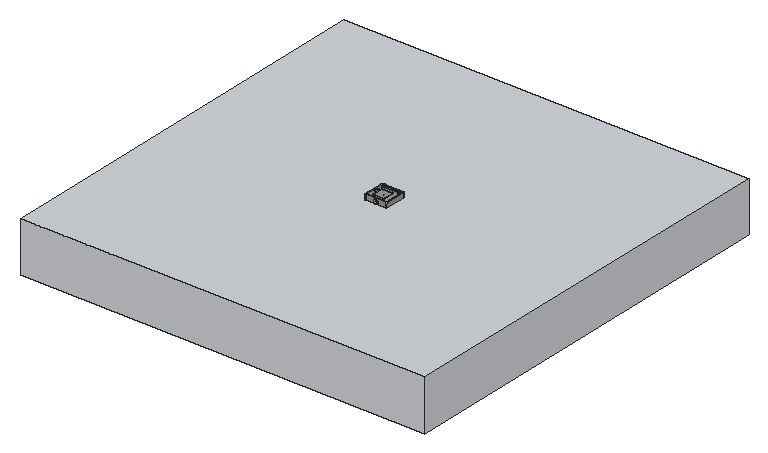
Revit family "Hekatron_Feststellanlagen_DKT 01 ge_DE_22.01", category Brandmelder, Revit 2018
Family settings
  Basisbauteil = Fläche
  Beschriftungsausrichtung beibehalten = Ja
  Bemaßung runder Anschluss = Durchmesser verwenden
  Teiletyp = Normal
  OmniClass-Nummer = 23.85.30.21
  OmniClass-Titel = Environmental Detection/Registration
  Beim Laden mit Abzugskörper schneiden = Nein
  Gemeinsam genutzt = Nein
  Raumberechnungspunkt = Nein
Parameters (values of type "DKT 01 ge")
  Zulässige Umgebungstemperatur = ""
  Zulässige Luftgeschwindigkeit = ""
  Zulassungen nach EN 54 = ""
  Width [instance] = 130 mm
  Version des BIM Objektes = "22.01"
  VdS-Anerkennung = ""
  URL = "www.hekatron-brandschutz.de"
  UB A&S Artikel Nummer = "6200106"
  Typenkommentare = "Druckknopftaster DKT 01 gelb"
  Tiefe (mm) = "130.0"
  Stromaufnahme = ""
  Schutzart = "IP 20"
  Rauchteil einstellbar = ""
  Nettogewicht (g) = ""
  Montageart = "Aufputz"
  Modell = "DKT 01 ge"
  Material = "Polycarbonat"
  Link zum Datenblatt = ""
  Link zu ausschreiben.de = "http://www.ausschreiben.de/katalog/Hekatron/position/95"
  Link zu Produktinformation = "https://www.hekatron-planungstools.de/Produktinfo/DKT_01_ge.PDF"
  Link zu Ausschreibungstext = ""
  Leistungserklärung (DoP) = ""
  Lautstärke DIN-Ton (dB) = ""
  Kabeleinführung = "oben, unten, hinten"
  Höhe (mm) = "130.0"
  Hersteller = "Hekatron"
  Heigth [instance] = 130 mm
  Funktionsprinzip = ""
  Farbe = "gelb, ähnlich RAL 1018"
  Ex-Zonen = ""
  Einstellung Temperaturklasse nach EN 54-5 = ""
  Einstellung Temperaturindex nach EN 54-5 = ""
  Einstellung Rauchempfindlichkeit nach EN 54-20 = ""
  Einstellen Rauchempfindlichkeit nach EN 54-7 = ""
  EG-Konformitätszertifikat / Zertifikat der Leistungsbeständigkeit = ""
  Durchmesser (mm) = ""
  Depth [instance] = 31 mm
  Vorgabe-Ansicht = 1200 mm
  Breite (mm) = "31.0"
  Betriebsspannung = "24 V DC"
  Beschreibung = "Aufputz, als Handauslöser für Feststellanlage maschinellen Rauchabzugsanlagen"
  Bauartgenehmigungen = ""
  Anzahl Ansaugleitungen = ""
  Ansprechtemperatur = ""
  Alarm- & Empfindlichkeitsbereich = ""
Reference planes
  plane 1 "Center (Front/Back)": y = 0
  plane 2: z = 0
  plane 3 "Center (Left/Right)": x = 0
Forms (mm)
  Extrusion 1, solid
    sketch origin (0, 0, 0) x (1, 0, 0) y (0, 1, 0)
      loop
        line (-1219.2, 1219.2) -> (-1219.2, -1219.2) -> (1219.2, -1219.2) -> (1219.2, 1219.2) -> (-1219.2, 1219.2)
    from 0 to -304.8
  Extrusion 2, solid, material "Polycarbonate, RAL 1018"
    sketch origin (0, 0, 0) x (1, 0, 0) y (0, 1, 0)
      loop
        line (62, 65) -> (-62, 65)
        arc (-62, 65) -> (-64.121, 64.121) -> (-65, 62) r 3
        line (-65, 62) -> (-65, -62)
        arc (-65, -62) -> (-64.121, -64.121) -> (-62, -65) r 3
        line (-62, -65) -> (62, -65)
        arc (62, -65) -> (64.121, -64.121) -> (65, -62) r 3
        line (65, -62) -> (65, 62)
        arc (65, 62) -> (64.121, 64.121) -> (62, 65) r 3
      loop
        line (58.5, 62) -> (-58.5, 62)
        arc (-58.5, 62) -> (-60.975, 60.975) -> (-62, 58.5) r 3.5
        line (-62, 58.5) -> (-62, -58.5)
        arc (-62, -58.5) -> (-60.975, -60.975) -> (-58.5, -62) r 3.5
        line (-58.5, -62) -> (58.5, -62)
        arc (58.5, -62) -> (60.975, -60.975) -> (62, -58.5) r 3.5
        line (62, -58.5) -> (62, 58.5)
        arc (62, 58.5) -> (60.975, 60.975) -> (58.5, 62) r 3.5
    from 0 to 31
  Extrusion 3, solid, material "Polycarbonate, RAL 1018"
    sketch origin (0, 0, 0) x (1, 0, 0) y (0, 1, 0)
      loop
        line (65, -61.8) -> (65, 61.8) -> (-58.5, 61.8)
        arc (-58.5, 61.8) -> (-60.833, 60.833) -> (-61.8, 58.5) r 3.3
        line (-61.8, 58.5) -> (-61.8, -58.5)
        arc (-61.8, -58.5) -> (-60.833, -60.833) -> (-58.5, -61.8) r 3.3
        line (-58.5, -61.8) -> (65, -61.8)
      loop
        line (33, 24.012) -> (-33, 24.012)
        arc (-33, 24.012) -> (-34.414, 23.426) -> (-35, 22.012) r 2
        line (-35, 22.012) -> (-35, -44.988)
        arc (-35, -44.988) -> (-34.414, -46.403) -> (-33, -46.988) r 2
        line (-33, -46.988) -> (33, -46.988)
        arc (33, -46.988) -> (34.414, -46.403) -> (35, -44.988) r 2
        line (35, -44.988) -> (35, 22.012)
        arc (35, 22.012) -> (34.414, 23.426) -> (33, 24.012) r 2
    from 27 to 31
  Extrusion 4, solid, material "Polycarbonate, RAL 1018"
    sketch origin (0, 0, 0) x (1, 0, 0) y (0, 1, 0)
      loop
        line (-62, 58.5) -> (-62, -58.5)
        arc (-62, -58.5) -> (-60.975, -60.975) -> (-58.5, -62) r 3.5
        line (-58.5, -62) -> (58.5, -62)
        arc (58.5, -62) -> (60.975, -60.975) -> (62, -58.5) r 3.5
        line (62, -58.5) -> (62, 58.5)
        arc (62, 58.5) -> (60.975, 60.975) -> (58.5, 62) r 3.5
        line (58.5, 62) -> (-58.5, 62)
        arc (-58.5, 62) -> (-60.975, 60.975) -> (-62, 58.5) r 3.5
    from 0 to 12
  Extrusion 5, solid, material "Stainless Steel, Polished"
    sketch origin (0, 0, 0) x (1, 0, 0) y (0, 1, 0)
      loop
        circle (-48.262, 0) r 9.502
    from 31.5 to 33
  Extrusion 6, solid, material "Polycarbonate, Clear"
    sketch origin (0, 0, 0) x (1, 0, 0) y (0, 1, 0)
      loop
        line (-35, 22.012) -> (-35, -44.988)
        arc (-35, -44.988) -> (-34.414, -46.403) -> (-33, -46.988) r 2
        line (-33, -46.988) -> (33, -46.988)
        arc (33, -46.988) -> (34.414, -46.403) -> (35, -44.988) r 2
        line (35, -44.988) -> (35, 22.012)
        arc (35, 22.012) -> (34.414, 23.426) -> (33, 24.012) r 2
        line (33, 24.012) -> (-33, 24.012)
        arc (-33, 24.012) -> (-34.414, 23.426) -> (-35, 22.012) r 2
    from 29 to 30
  Extrusion 7, void
    sketch origin (0, 0, 0) x (1, 0, 0) y (0, 1, 0)
      loop
        line (58.5, 62) -> (58.5, -62) -> (65, -62) -> (65, 62) -> (58.5, 62)
    from 27 to 32.288
  Sweep 8, void
    path in 3D
      loop
        line (65, -61.8, 31) -> (65, 61.8, 31)
    profile origin (65, 0, 31) x (-1, 0, 0) y (0, 0, 1)
      loop
        line (0, 0) -> (0, -2)
        arc (0, -2) -> (0.586, -0.586) -> (2, 0) r 2
        line (2, 0) -> (0, 0)
  Sweep 9, void
    path in 3D
      loop
        line (65, -61.8, 27) -> (65, 61.8, 27)
    profile origin (65, 0, 27) x (1, 0, 0) y (0, 0, -1)
      loop
        line (0, 0) -> (-2, 0)
        arc (-2, 0) -> (-0.586, -0.586) -> (0, -2) r 2
        line (0, -2) -> (0, 0)
  Extrusion 10, void
    sketch origin (0, 3.594, 0) x (1, 0, 0) y (0, 1, 0)
      loop
        line (0, 53.108) -> (-48, 53.108)
        arc (-48, 53.108) -> (-50.121, 52.23) -> (-51, 50.108) r 3
        line (-51, 50.108) -> (-51, 40.608)
        arc (-51, 40.608) -> (-50.121, 38.487) -> (-48, 37.608) r 3
        line (-48, 37.608) -> (0, 37.608) -> (48, 37.608)
        arc (48, 37.608) -> (50.121, 38.487) -> (51, 40.608) r 3
        line (51, 40.608) -> (51, 50.108)
        arc (51, 50.108) -> (50.121, 52.23) -> (48, 53.108) r 3
        line (48, 53.108) -> (0, 53.108)
    from 30.5 to 35.903
  Extrusion 11, solid, material "PVC"
    sketch origin (0, 3.594, 0) x (1, 0, 0) y (0, 1, 0)
      loop
        line (48, 53.108) -> (-48, 53.108)
        arc (-48, 53.108) -> (-50.121, 52.23) -> (-51, 50.108) r 3
        line (-51, 50.108) -> (-51, 40.608)
        arc (-51, 40.608) -> (-50.121, 38.487) -> (-48, 37.608) r 3
        line (-48, 37.608) -> (48, 37.608)
        arc (48, 37.608) -> (50.121, 38.487) -> (51, 40.608) r 3
        line (51, 40.608) -> (51, 50.108)
        arc (51, 50.108) -> (50.121, 52.23) -> (48, 53.108) r 3
    from 30.5 to 30.8
  Extrusion 12, solid, material "Polycarbonate, RAL 1018"
    sketch origin (0, 0, 0) x (1, 0, 0) y (0, 1, 0)
      loop
        circle (-48.262, 0) r 10.002
    from 31 to 31.5
  Extrusion 13, void
    sketch origin (0, 0, 0) x (1, 0, 0) y (0, 1, 0)
      loop
        circle (-48.262, 7.254) r 2
    from 32.5 to 35.807
  Extrusion 14, solid, material "ABS Plastic, RAL 3001"
    sketch origin (0, 1.709, 0) x (1, 0, 0) y (0, 1, 0)
      loop
        circle (0, -12.075) r 7.542
    from 16 to 26
  Extrusion 15, solid, material "ABS Plastic"
    sketch origin (2.273, 1.709, 0) x (1, 0, 0) y (0, 1, 0)
      loop
        arc (-7.523, -24.131) -> (-8.23, -24.423) -> (-8.523, -25.131) r 1
        line (-8.523, -25.131) -> (-8.523, -35.631)
        arc (-8.523, -35.631) -> (-8.23, -36.338) -> (-7.523, -36.631) r 1
        line (-7.523, -36.631) -> (2.977, -36.631)
        arc (2.977, -36.631) -> (3.684, -36.338) -> (3.977, -35.631) r 1
        line (3.977, -35.631) -> (3.977, -25.131)
        arc (3.977, -25.131) -> (3.684, -24.423) -> (2.977, -24.131) r 1
        line (2.977, -24.131) -> (-7.523, -24.131)
      loop
        arc (-7.523, -24.631) -> (-7.877, -24.777) -> (-8.023, -25.131) r 0.5
        line (-8.023, -25.131) -> (-8.023, -35.631)
        arc (-8.023, -35.631) -> (-7.877, -35.984) -> (-7.523, -36.131) r 0.5
        line (-7.523, -36.131) -> (2.977, -36.131)
        arc (2.977, -36.131) -> (3.331, -35.984) -> (3.477, -35.631) r 0.5
        line (3.477, -35.631) -> (3.477, -25.131)
        arc (3.477, -25.131) -> (3.331, -24.777) -> (2.977, -24.631) r 0.5
        line (2.977, -24.631) -> (-7.523, -24.631)
    from 12 to 12.3
  Extrusion 16, solid, material "ABS Plastic"
    sketch origin (0, 1.709, 0) x (1, 0, 0) y (0, 1, 0)
      loop
        circle (0, -12.075) r 6.542
    from 12 to 16
  Revolve 17, solid, material "LED Red, Off"
    sketch origin (0, 0, 0) x (1, 0, 0) y (0, 0, 1)
      loop
        line (0, 12) -> (0, 14)
        arc (0, 14) -> (-1.414, 13.414) -> (-2, 12) r 2
        line (-2, 12) -> (0, 12)
      axis (0, 14) -> (0, 12)
    angle from 0 to 360
  Revolve 18, solid, material "LED Green, Off"
    sketch origin (-28.78, 0, 0) x (1, 0, 0) y (0, 0, 1)
      loop
        line (0, 12) -> (0, 14)
        arc (0, 14) -> (-1.414, 13.414) -> (-2, 12) r 2
        line (-2, 12) -> (0, 12)
      axis (0, 14) -> (0, 12)
    angle from 0 to 360
  Extrusion 19, solid, material "ABS Plastic"
    sketch origin (0, 1.709, 0) x (1, 0, 0) y (0, 1, 0)
      loop
        arc (-24.526, 0.624) -> (-25.233, 0.331) -> (-25.526, -0.376) r 1
        line (-25.526, -0.376) -> (-25.526, -3.376)
        arc (-25.526, -3.376) -> (-25.233, -4.083) -> (-24.526, -4.376) r 1
        line (-24.526, -4.376) -> (-19.026, -4.376)
        arc (-19.026, -4.376) -> (-18.319, -4.083) -> (-18.026, -3.376) r 1
        line (-18.026, -3.376) -> (-18.026, -0.376)
        arc (-18.026, -0.376) -> (-18.319, 0.331) -> (-19.026, 0.624) r 1
        line (-19.026, 0.624) -> (-24.526, 0.624)
      loop
        arc (-24.526, 0.124) -> (-24.88, -0.022) -> (-25.026, -0.376) r 0.5
        line (-25.026, -0.376) -> (-25.026, -3.376)
        arc (-25.026, -3.376) -> (-24.88, -3.729) -> (-24.526, -3.876) r 0.5
        line (-24.526, -3.876) -> (-19.026, -3.876)
        arc (-19.026, -3.876) -> (-18.672, -3.729) -> (-18.526, -3.376) r 0.5
        line (-18.526, -3.376) -> (-18.526, -0.376)
        arc (-18.526, -0.376) -> (-18.672, -0.022) -> (-19.026, 0.124) r 0.5
        line (-19.026, 0.124) -> (-24.526, 0.124)
    from 12 to 12.3
  Extrusion 20, solid, material "Polycarbonate, RAL 1018"
    sketch origin (0, 0, 0) x (1, 0, 0) y (0, 0, 1)
      loop
        circle (0, 12.5) r 12
    from -67.579 to -65
  Extrusion 21, solid, material "Polycarbonate, RAL 1018"
    sketch origin (0, 0, 0) x (1, 0, 0) y (0, 0, 1)
      loop
        circle (0, 12.5) r 10
    from -69.541 to -67.579
  Extrusion 22, solid, material "Polycarbonate, RAL 1018"
    sketch origin (0, 0, 0) x (1, 0, 0) y (0, 0, -1)
      loop
        circle (0, -12.5) r 12
    from -67.579 to -65
  Extrusion 23, solid, material "Polycarbonate, RAL 1018"
    sketch origin (0, 0, 0) x (1, 0, 0) y (0, 0, -1)
      loop
        circle (0, -12.5) r 10
    from -69.541 to -67.579
Cuts and joins
  Extrusion 7 cuts Extrusion 2
  joined: Extrusion 2, Extrusion 20, Extrusion 21, Extrusion 22, Extrusion 23
  Sweep 8, Sweep 9, Extrusion 10 cuts Extrusion 3
  joined: Extrusion 3, Extrusion 12
  Extrusion 13 cuts Extrusion 5
Lines and regions (mm)
  sketch lines
    curve 1: line (65, -61.8, 31) -> (65, 61.8, 31)
    curve 2: line (65, -61.8, 27) -> (65, 61.8, 27)
Dimensions and locks
  "Width": cut or joined group of Extrusion 2, Extrusion 7, Extrusion 20, Extrusion 21, Extrusion 22, Extrusion 23 to cut or joined group of Extrusion 2, Extrusion 7, Extrusion 20, Extrusion 21, Extrusion 22, Extrusion 23
  "Heigth": cut or joined group of Extrusion 2, Extrusion 7, Extrusion 20, Extrusion 21, Extrusion 22, Extrusion 23 to cut or joined group of Extrusion 2, Extrusion 7, Extrusion 20, Extrusion 21, Extrusion 22, Extrusion 23
  "Depth": cut or joined group of Extrusion 2, Extrusion 7, Extrusion 20, Extrusion 21, Extrusion 22, Extrusion 23 to Extrusion 1
  aligned and locked: plane 2 to Extrusion 1
  aligned and locked: level to Extrusion 1
Automatic sketch dimensions
  Extrusion 1 sketch curve to Extrusion 1 sketch curve = 2438.4 mm  (x2)
  Extrusion 2 sketch curve to plane 3 "Center (Left/Right)" = 65 mm
  Extrusion 2 sketch curve to Extrusion 2 sketch curve = 3 mm  (x3)
  Extrusion 2 sketch curve to Extrusion 2 sketch curve = 0 mm  (x3)
  Extrusion 2 sketch curve to Extrusion 2 sketch curve = 3.5 mm  (x5)
  plane 3 "Center (Left/Right)" to Extrusion 2 sketch curve = 58.5 mm  (x2)
  plane 1 "Center (Front/Back)" to Extrusion 2 sketch curve = 65 mm
  Extrusion 2 sketch curve to plane 1 "Center (Front/Back)" = 58.5 mm
  Extrusion 3 sketch curve to plane 3 "Center (Left/Right)" = 61.8 mm
  Extrusion 3 sketch curve to Extrusion 3 sketch curve = 3.3 mm  (x2)
  Extrusion 3 sketch curve to plane 3 "Center (Left/Right)" = 35 mm
  Extrusion 3 sketch curve to Extrusion 3 sketch curve = 2 mm  (x3)
  plane 3 "Center (Left/Right)" to Extrusion 3 sketch curve = 33 mm  (x2)
  Extrusion 3 sketch curve to Extrusion 3 sketch curve = 32 mm
  plane 1 "Center (Front/Back)" to Extrusion 3 sketch curve = 61.8 mm
  Extrusion 3 sketch curve to Extrusion 3 sketch curve = 11.512 mm
  Extrusion 3 sketch curve to plane 1 "Center (Front/Back)" = 22.012 mm
  Extrusion 3 sketch curve to Extrusion 3 sketch curve = 34.488 mm
  Extrusion 4 sketch curve to plane 3 "Center (Left/Right)" = 62 mm
  Extrusion 4 sketch curve to Extrusion 4 sketch curve = 3.5 mm  (x3)
  plane 3 "Center (Left/Right)" to Extrusion 4 sketch curve = 58.5 mm  (x2)
  plane 1 "Center (Front/Back)" to Extrusion 4 sketch curve = 62 mm
  Extrusion 4 sketch curve to plane 1 "Center (Front/Back)" = 58.5 mm
  plane 1 "Center (Front/Back)" to Extrusion 5 sketch curve = 0 mm
  Extrusion 5 sketch curve to plane 3 "Center (Left/Right)" = 48.262 mm
  Extrusion 6 sketch curve to plane 3 "Center (Left/Right)" = 35 mm
  Extrusion 6 sketch curve to Extrusion 6 sketch curve = 2 mm  (x3)
  plane 3 "Center (Left/Right)" to Extrusion 6 sketch curve = 33 mm  (x2)
  plane 1 "Center (Front/Back)" to Extrusion 6 sketch curve = 46.988 mm
  Extrusion 6 sketch curve to plane 1 "Center (Front/Back)" = 22.012 mm
  plane 3 "Center (Left/Right)" to Extrusion 7 sketch curve = 58.5 mm
  Extrusion 7 sketch curve to Extrusion 7 sketch curve = 6.5 mm
  plane 1 "Center (Front/Back)" to Extrusion 7 sketch curve = 62 mm
  Extrusion 7 sketch curve to plane 1 "Center (Front/Back)" = 62 mm
  Sweep 8 sketch curve to profile plane = 0 mm  (x2)
  Sweep 8 sketch curve to profile plane = 2 mm
  Sweep 9 sketch curve to profile plane = 0 mm
  profile plane to Sweep 9 sketch curve = 0 mm
  profile plane to Sweep 9 sketch curve = 2 mm
  Extrusion 10 sketch curve to plane 3 "Center (Left/Right)" = 0 mm  (x2)
  Extrusion 10 sketch curve to plane 3 "Center (Left/Right)" = 48 mm
  Extrusion 10 sketch curve to Extrusion 10 sketch curve = 0 mm  (x2)
  Extrusion 10 sketch curve to Extrusion 10 sketch curve = 3 mm  (x2)
  plane 3 "Center (Left/Right)" to Extrusion 10 sketch curve = 48 mm
  Extrusion 10 sketch curve to plane 1 "Center (Front/Back)" = 41.202 mm
  Extrusion 10 sketch curve to Extrusion 10 sketch curve = 9.5 mm
  Extrusion 12 sketch curve to Extrusion 12 sketch curve = 0 mm  (x2)
  plane 1 "Center (Front/Back)" to Extrusion 12 sketch curve = 0 mm
  Extrusion 12 sketch curve to plane 3 "Center (Left/Right)" = 48.262 mm
  Extrusion 12 sketch curve to Extrusion 12 sketch curve = 10.002 mm
  Extrusion 13 sketch curve to plane 1 "Center (Front/Back)" = 7.254 mm
  Extrusion 13 sketch curve to plane 3 "Center (Left/Right)" = 48.262 mm
  Extrusion 14 sketch curve to plane 3 "Center (Left/Right)" = 0 mm
  plane 1 "Center (Front/Back)" to Extrusion 14 sketch curve = 10.366 mm
  Extrusion 15 sketch curve to Extrusion 15 sketch curve = 0 mm  (x8)
  Extrusion 15 sketch curve to plane 3 "Center (Left/Right)" = 6.25 mm
  Extrusion 15 sketch curve to Extrusion 15 sketch curve = 0.5 mm  (x4)
  plane 3 "Center (Left/Right)" to Extrusion 15 sketch curve = 5.25 mm  (x2)
  plane 1 "Center (Front/Back)" to Extrusion 15 sketch curve = 34.922 mm
  Extrusion 15 sketch curve to Extrusion 15 sketch curve = 10.5 mm
  Extrusion 16 sketch curve to Extrusion 16 sketch curve = 0 mm  (x2)
  Extrusion 16 sketch curve to plane 3 "Center (Left/Right)" = 0 mm
  plane 1 "Center (Front/Back)" to Extrusion 16 sketch curve = 10.366 mm
  Extrusion 16 sketch curve to Extrusion 16 sketch curve = 6.542 mm
  Revolve 17 sketch curve to plane 3 "Center (Left/Right)" = 0 mm  (x2)
  Revolve 17 sketch curve to Revolve 17 sketch curve = 2 mm
  level to Revolve 17 sketch curve = 12 mm
  Revolve 17 sketch curve to level = 609.6 mm
  Revolve 17 sketch curve to Revolve 17 sketch curve = 2595.058 mm
  Revolve 18 sketch curve to plane 3 "Center (Left/Right)" = 30.78 mm
  Revolve 18 sketch curve to Revolve 18 sketch curve = 2 mm
  level to Revolve 18 sketch curve = 12 mm
  Revolve 18 sketch curve to plane 3 "Center (Left/Right)" = 28.78 mm
  Revolve 18 sketch curve to level = 609.6 mm
  Revolve 18 sketch curve to Revolve 18 sketch curve = 2595.058 mm
  Extrusion 19 sketch curve to Extrusion 19 sketch curve = 0 mm  (x9)
  plane 1 "Center (Front/Back)" to Extrusion 19 sketch curve = 1.667 mm  (x2)
  Extrusion 19 sketch curve to plane 3 "Center (Left/Right)" = 25.526 mm
  Extrusion 19 sketch curve to Extrusion 19 sketch curve = 0.5 mm  (x3)
  Extrusion 19 sketch curve to plane 1 "Center (Front/Back)" = 1.833 mm
  Extrusion 19 sketch curve to Extrusion 19 sketch curve = 5.5 mm
  Extrusion 20 sketch curve to plane 3 "Center (Left/Right)" = 0 mm
  level to Extrusion 20 sketch curve = 12.5 mm
  Extrusion 21 sketch curve to plane 3 "Center (Left/Right)" = 0 mm
  level to Extrusion 21 sketch curve = 12.5 mm
  Extrusion 22 sketch curve to plane 3 "Center (Left/Right)" = 0 mm
  level to Extrusion 22 sketch curve = 12.5 mm
  Extrusion 23 sketch curve to plane 3 "Center (Left/Right)" = 0 mm
  level to Extrusion 23 sketch curve = 12.5 mm
  plane 3 "Center (Left/Right)" to Extrusion 11 sketch curve = 48 mm
  Extrusion 11 sketch curve to Extrusion 11 sketch curve = 96 mm
  Extrusion 11 sketch curve to Extrusion 11 sketch curve = 3 mm  (x4)
  Extrusion 11 sketch curve to Extrusion 11 sketch curve = 9.5 mm
  Extrusion 11 sketch curve to plane 1 "Center (Front/Back)" = 44.202 mm
  radius of Extrusion 5 sketch curve = 9.502 mm
  radius of Extrusion 13 sketch curve = 2 mm
  radius of Extrusion 14 sketch curve = 7.542 mm
  radius of Extrusion 20 sketch curve = 12 mm
  radius of Extrusion 21 sketch curve = 10 mm
  radius of Extrusion 22 sketch curve = 12 mm
  radius of Extrusion 23 sketch curve = 10 mm
Connectors
  electrical at (0, 0, 0)
    settings: on cut or joined group of Extrusion 2, Extrusion 7, Extrusion 20, Extrusion 21, Extrusion 22, Extrusion 23, index 1, voltage 0 V, apparent load 0 VA, apparent load phase1 0 VA, apparent load phase2 0 VA, apparent load phase3 0 VA, power factor 1, load classification "Other", number of poles 1, system type 11, power factor state 1, is connector primary yes, connector utility no, sub classification motor no, connector description ""
